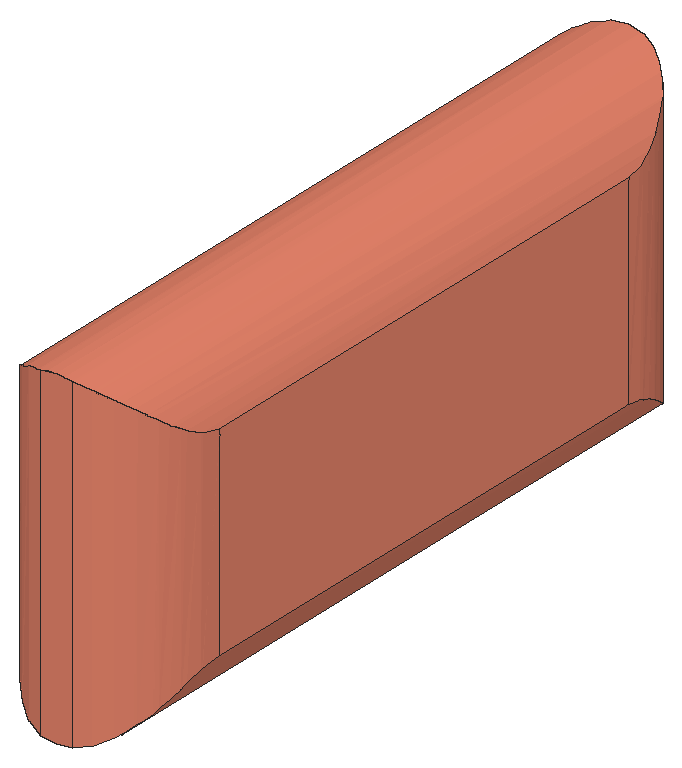
Revit family "FU_Accessory_Sandler_Cosmo 1518", category Furniture, Revit 2022
Family settings
  OmniClass Number = 23.40.20.00
  OmniClass Title = General Furniture and Specialties
  Work Plane-Based = No
  Always vertical = Yes
  Cut with Voids When Loaded = No
  Render Appearance Source = Family Geometry
  Shared = No
  Room Calculation Point = No
Parameters (values of type "Cosmo 1518")
  Width = 140 mm
  URL = "https://www.sandlerseating.com/product/cosmo-1518/"
  Model = "Cosmo 1518"
  Manufacturer = "Sandler"
  Height = 700 mm
  Description = "Cushion accessory for the Cosmo range of modular seating."
  Depth = 560 mm
  Default Elevation = 0 mm
  Cushion [instance] = Fabric - Manhattan - Lexington YI113
Reference planes
  plane 1 "Center (Front/Back)": y = 0
  plane 2: z = 0
  plane 3 "Center (Left/Right)": x = 0
  plane 4 "Right": x = -70
  plane 5 "Left": x = 70
  plane 6 "Back": y = 280
  plane 7 "Front": y = -280
  plane 8 "Height": z = 700
  plane 9 "Seat Height": z = 440
Forms (mm)
  Extrusion 1, solid, material "Fabric - Manhattan - Lexington YI113" <- "Cushion"
    sketch origin (0, 0, 0) x (1, 0, 0) y (0, 0, 1)
      loop
        line (-70, 440) -> (70, 440) -> (70, 700) -> (-70, 700) -> (-70, 440)
    from -280 to 280
  Extrusion 2, void
    sketch origin (0, 0, 440) x (-1, 0, 0) y (0, -1, 0)
      loop
        line (-65, 201.5) -> (-65, -200)
        spline (-65, -200) -> (-62.785, -220.706) -> (-56.292, -240) -> (-45.962, -256.569) -> (-32.5, -269.282) -> (-16.823, -277.274) -> (0, -280) -> (16.823, -277.274) -> (32.5, -269.282) -> (45.962, -256.569) -> (56.292, -240) -> (62.785, -220.706) -> (65, -200)
        line (65, -200) -> (65, 201.5)
        spline (65, 201.5) -> (62.785, 222.206) -> (56.292, 241.5) -> (45.962, 258.069) -> (32.5, 270.782) -> (16.823, 278.774) -> (0, 281.5) -> (-16.823, 278.774) -> (-32.5, 270.782) -> (-45.962, 258.069) -> (-56.292, 241.5) -> (-62.785, 222.206) -> (-65, 201.5)
      loop
        line (80, -303.5) -> (80, 305) -> (-80, 305) -> (-80, -303.5) -> (80, -303.5)
    from -30 to 290
  Extrusion 3, void
    sketch origin (0, 0, 0) x (1, 0, 0) y (0, 0, 1)
      loop
        spline (70, 620) -> (67.615, 640.706) -> (60.622, 660) -> (49.497, 676.569) -> (35, 689.282) -> (18.117, 697.274) -> (0, 700) -> (-18.117, 697.274) -> (-35, 689.282) -> (-49.497, 676.569) -> (-60.622, 660) -> (-67.615, 640.706) -> (-70, 620)
        line (-70, 620) -> (-70, 520.011)
        spline (-70, 520.011) -> (-67.615, 499.306) -> (-60.622, 480.011) -> (-49.497, 463.443) -> (-35, 450.729) -> (-18.117, 442.737) -> (0, 440.011) -> (18.117, 442.737) -> (35, 450.729) -> (49.497, 463.443) -> (60.622, 480.011) -> (67.615, 499.306) -> (70, 520.011)
        line (70, 520.011) -> (70, 620)
      loop
        line (-80, 723.5) -> (-80, 416.511) -> (80, 416.511) -> (80, 723.5) -> (-80, 723.5)
    from -280 to 280
Cuts and joins
  Extrusion 2, Extrusion 3 cuts Extrusion 1
Dimensions and locks
  equal spacing: plane 6 "Back", plane 1 "Center (Front/Back)", plane 7 "Front"
  "Depth": plane 6 "Back" to plane 7 "Front"
  equal spacing: plane 4 "Right", plane 3 "Center (Left/Right)", plane 5 "Left"
  "Width": plane 4 "Right" to plane 5 "Left"
  "Height": plane 8 "Height" to level
  aligned and locked: level to plane 2
Automatic sketch dimensions
  Extrusion 1 sketch curve to plane 9 "Seat Height" = 0 mm
  Extrusion 1 sketch curve to plane 3 "Center (Left/Right)" = 70 mm
  plane 3 "Center (Left/Right)" to Extrusion 1 sketch curve = 70 mm
  plane 9 "Seat Height" to Extrusion 1 sketch curve = 260 mm
  Extrusion 2 sketch curve to plane 3 "Center (Left/Right)" = 0 mm
  Extrusion 2 sketch curve to Extrusion 2 sketch curve = 65 mm
  plane 3 "Center (Left/Right)" to Extrusion 2 sketch curve = 80 mm
  Extrusion 2 sketch curve to plane 3 "Center (Left/Right)" = 80 mm
  plane 6 "Back" to Extrusion 2 sketch curve = 23.5 mm
  Extrusion 2 sketch curve to Extrusion 2 sketch curve = 103.5 mm  (x2)
  plane 1 "Center (Front/Back)" to Extrusion 2 sketch curve = 201.5 mm
  Extrusion 3 sketch curve to plane 4 "Right" = 0 mm
  Extrusion 3 sketch curve to plane 3 "Center (Left/Right)" = 0 mm
  Extrusion 3 sketch curve to plane 4 "Right" = 10 mm
  plane 5 "Left" to Extrusion 3 sketch curve = 10 mm
  Extrusion 3 sketch curve to plane 9 "Seat Height" = 23.489 mm
  plane 9 "Seat Height" to Extrusion 3 sketch curve = 80.011 mm
  Extrusion 3 sketch curve to plane 8 "Height" = 80 mm
  plane 8 "Height" to Extrusion 3 sketch curve = 23.5 mm
